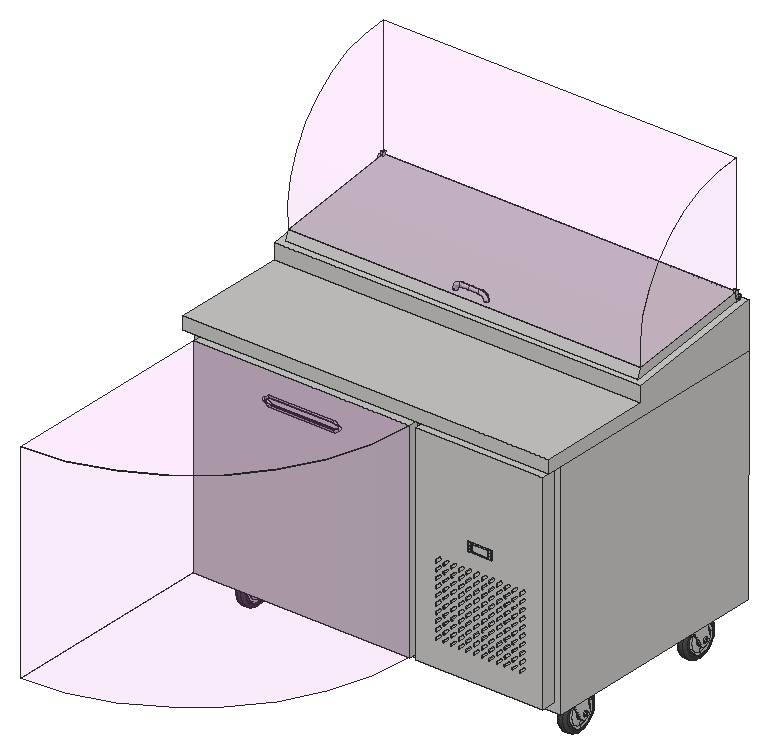
Revit family "QF_Kelvinator_738252_KCHPT50.6_1-Door_Pizza_Prep_Table_48_Long", category Specialty Equipment, Revit 2021 (continued)
Definition of nested family "KCHPT"
  Lines and regions (in)
    symbolic lines
      curve 49: arc (21.73202, -15.49263, 0) -> (22.05056, -15.52832, 0) -> (22.37087, -15.54024, 0) r 4.31013
      curve 50: spline (25.93749, -15.19802, 0) -> (25.93307, -15.15169, 0) -> (25.91999, -15.10699, 0) -> (25.8987, -15.06551, 0) -> (25.86997, -15.0287, 0) -> (25.83481, -14.99786, 0) -> (25.79445, -14.97409, 0) -> (25.75031, -14.95822, 0) -> (25.70397, -14.9508, 0) -> (25.65704, -14.95211, 0) -> (25.61118, -14.9621, 0) -> (25.56802, -14.9804, 0) -> (25.52907, -15.00639, 0)
      curve 51: arc (25.93749, -15.19802, 0) -> (25.85127, -15.40634, 0) -> (25.64298, -15.49263, 0) r 0.29451
      curve 52: line (23.6875, -15.04024, 0) -> (25.09841, -15.04024, 0)
      curve 53: arc (25.52907, -15.00639, 0) -> (25.31441, -15.03177, 0) -> (25.09841, -15.04024, 0) r 2.75609
      curve 54: line (23.6875, -15.54024, 0) -> (25.00413, -15.54024, 0)
      curve 55: arc (25.64298, -15.49263, 0) -> (25.32444, -15.52832, 0) -> (25.00413, -15.54024, 0) r 4.31013
    symbolic lines, visible <- "Show Clearance"
      curve 56: arc (29.20966, -32.25, 0) -> (28.22415, -39.367, 0) -> (25.4598, -45.99883, 0) r 27.99766
      curve 57: line (1.64612, -32.25, 0) -> (25.4598, -45.99883, 0)
  Dimensions and locks (in)
    equal spacing: plane 3 "LEFT", plane 7 "Center Y", plane 4 "RIGHT"
    "Length": plane 3 "LEFT" to plane 4 "RIGHT"
    equal spacing: plane 5 "FRONT", plane 8 "Center X", plane 1 "BACK"
    "Depth": plane 5 "FRONT" to plane 1 "BACK"
    "Height": plane 6 "TOP" to level
    plane 5 "FRONT" to plane 1 "BACK" = 32.250"
    plane 9 to plane 1 "BACK" = 58.900"
    plane 10 to plane 1 "BACK" = 17.400"
    plane 11 to plane 12 = 28.300"
    plane 13 to plane 11 = 5.900"
    plane 6 "TOP" to plane 12 = 35.500"
    plane 14 to plane 11 = 1.600"
    level to plane 15 = 5.500"
    plane 17 to plane 16 = 26.800"
    Extrusion 11 to Extrusion 12 = 26.55244"
    aligned and locked: level to plane 2
    aligned and locked: Extrusion 22 to Extrusion 1
  Automatic sketch dimensions
    Extrusion 1 sketch curve to plane 11 = 0.000"
    plane 15 to Extrusion 1 sketch curve = 0.000"
    Extrusion 1 sketch curve to plane 1 "BACK" = 0.000"
    Extrusion 1 sketch curve to plane 5 "FRONT" = 2.000"
    Extrusion 1 to Extrusion 2 sketch curve = 0.95244"
    Extrusion 2 sketch curve to Extrusion 1 = 0.9809"
    Extrusion 1 to Extrusion 2 sketch curve = 17.40392"
    Extrusion 1 to Extrusion 2 sketch curve = 0.95197"
    Extrusion 3 sketch curve to plane 5 "FRONT" = 0.000"
    Extrusion 3 sketch curve to plane 10 = 0.000"
    Extrusion 3 sketch curve to plane 1 "BACK" = 0.000"
    Extrusion 3 sketch curve to plane 11 = 0.000"
    Extrusion 3 sketch curve to plane 14 = 0.000"
    Extrusion 3 sketch curve to plane 13 = 0.000"
    Extrusion 3 sketch curve to Extrusion 3 sketch curve = 2.000"
    Extrusion 4 sketch curve to plane 8 "Center X" = 0.000"
    Extrusion 4 sketch curve to plane 8 "Center X" = 0.50126"
    Extrusion 4 sketch curve to plane 6 "TOP" = 0.38798"
    plane 1 "BACK" to Extrusion 4 sketch curve = 0.73136"
    Extrusion 4 sketch curve to plane 13 = 0.07935"
    plane 1 "BACK" to Extrusion 4 sketch curve = 0.60032"
    Extrusion 5 sketch curve to plane 13 = 0.07935"
    plane 1 "BACK" to Extrusion 5 sketch curve = 0.60032"
    plane 1 "BACK" to Extrusion 5 sketch curve = 0.54253"
    Extrusion 5 sketch curve to plane 13 = 0.05942"
    Extrusion 5 sketch curve to Extrusion 5 sketch curve = 0.15078"
    Extrusion 5 sketch curve to plane 6 "TOP" = 0.47918"
    Extrusion 5 sketch curve to Extrusion 5 sketch curve = 0.17678"
    Extrusion 6 sketch curve to plane 6 "TOP" = 0.000"
    Extrusion 6 sketch curve to plane 6 "TOP" = 0.4535"
    plane 1 "BACK" to Extrusion 6 sketch curve = 0.97488"
    Extrusion 6 sketch curve to Extrusion 6 sketch curve = 0.03494"
    Extrusion 6 sketch curve to plane 6 "TOP" = 0.10315"
    Extrusion 6 sketch curve to Extrusion 6 sketch curve = 0.05955"
    Extrusion 6 sketch curve to plane 13 = 0.14487"
    plane 1 "BACK" to Extrusion 6 sketch curve = 0.84383"
    Extrusion 6 sketch curve to Extrusion 6 sketch curve = 0.24784"
    Extrusion 6 sketch curve to plane 6 "TOP" = 0.30034"
    Extrusion 6 sketch curve to Extrusion 6 sketch curve = 0.03226"
    Extrusion 6 sketch curve to plane 6 "TOP" = 0.26026"
    Extrusion 6 sketch curve to Extrusion 6 sketch curve = 0.04008"
    Extrusion 6 sketch curve to Extrusion 6 sketch curve = 0.01467"
    Extrusion 6 sketch curve to plane 6 "TOP" = 0.25129"
    Extrusion 6 sketch curve to Extrusion 6 sketch curve = 0.03347"
    Extrusion 6 sketch curve to plane 6 "TOP" = 0.06671"
    Extrusion 6 sketch curve to Extrusion 6 sketch curve = 0.0376"
    Extrusion 6 sketch curve to plane 6 "TOP" = 0.16845"
    Extrusion 6 sketch curve to Extrusion 6 sketch curve = 0.10174"
    Extrusion 6 sketch curve to plane 13 = 0.07935"
    Extrusion 6 sketch curve to plane 6 "TOP" = 0.45216"
    Extrusion 6 sketch curve to Extrusion 6 sketch curve = 0.12039"
    Extrusion 7 sketch curve to plane 6 "TOP" = 0.000"
    Extrusion 7 sketch curve to plane 6 "TOP" = 0.4535"
    plane 1 "BACK" to Extrusion 7 sketch curve = 0.97488"
    Extrusion 7 sketch curve to Extrusion 7 sketch curve = 0.03494"
    Extrusion 7 sketch curve to plane 6 "TOP" = 0.10315"
    Extrusion 7 sketch curve to Extrusion 7 sketch curve = 0.05955"
    Extrusion 7 sketch curve to plane 13 = 0.14487"
    plane 1 "BACK" to Extrusion 7 sketch curve = 0.84383"
    Extrusion 7 sketch curve to Extrusion 7 sketch curve = 0.24784"
    Extrusion 7 sketch curve to plane 6 "TOP" = 0.30034"
    Extrusion 7 sketch curve to Extrusion 7 sketch curve = 0.03226"
    Extrusion 7 sketch curve to plane 6 "TOP" = 0.26026"
    Extrusion 7 sketch curve to Extrusion 7 sketch curve = 0.04008"
    Extrusion 7 sketch curve to Extrusion 7 sketch curve = 0.05475"
    Extrusion 7 sketch curve to plane 6 "TOP" = 0.25129"
    Extrusion 7 sketch curve to Extrusion 7 sketch curve = 0.03347"
    Extrusion 7 sketch curve to plane 6 "TOP" = 0.06671"
    Extrusion 7 sketch curve to Extrusion 7 sketch curve = 0.0376"
    Extrusion 7 sketch curve to plane 6 "TOP" = 0.16845"
    Extrusion 7 sketch curve to Extrusion 7 sketch curve = 0.10174"
    Extrusion 7 sketch curve to plane 13 = 0.07935"
    Extrusion 7 sketch curve to plane 6 "TOP" = 0.45216"
    Extrusion 7 sketch curve to Extrusion 7 sketch curve = 0.12039"
    Revolve 8 sketch curve to plane 6 "TOP" = 0.52344"
    Revolve 8 sketch curve to Revolve 8 sketch curve = 0.05054"
    Revolve 8 sketch curve to Revolve 8 sketch curve = 0.15163"
    plane 3 "LEFT" to Revolve 8 sketch curve = 0.25604"
    Revolve 8 sketch curve to Revolve 8 sketch curve = 0.03568"
    Revolve 8 sketch curve to Revolve 8 sketch curve = 0.34423"
    Revolve 8 sketch curve to Revolve 8 sketch curve = 0.000"  (x2)
    plane 3 "LEFT" to Revolve 8 sketch curve = 0.07467"
    Revolve 9 sketch curve to plane 6 "TOP" = 0.52344"
    Revolve 9 sketch curve to Revolve 9 sketch curve = 0.05054"
    Revolve 9 sketch curve to Revolve 9 sketch curve = 0.15163"
    plane 4 "RIGHT" to Revolve 9 sketch curve = 0.81563"
    plane 4 "RIGHT" to Revolve 9 sketch curve = 0.4714"
    Revolve 9 sketch curve to Revolve 9 sketch curve = 0.03568"
    Revolve 9 sketch curve to Revolve 9 sketch curve = 0.000"  (x2)
    plane 4 "RIGHT" to Revolve 9 sketch curve = 0.25436"
    Sweep 10 sketch curve to plane 7 "Center Y" = 0.000"
    Sweep 10 sketch curve to Sweep 10 sketch curve = 0.750"  (x2)
    Sweep 10 sketch curve to Sweep 10 sketch curve = 1.250"
    plane 7 "Center Y" to Sweep 10 sketch curve = 1.250"
    Sweep 10 sketch curve to Sweep 10 sketch curve = 0.1875"  (x2)
    profile plane to Sweep 10 sketch curve = 0.000"  (x2)
    Extrusion 1 to Extrusion 11 sketch curve = 0.95244"
    Extrusion 11 sketch curve to Extrusion 1 = 0.9809"
    Extrusion 1 to Extrusion 11 sketch curve = 1.21311"
    Extrusion 1 to Extrusion 11 sketch curve = 18.16423"
    plane 16 to Extrusion 12 sketch curve = 0.550"
    Extrusion 12 sketch curve to plane 5 "FRONT" = 1.38811"
    Extrusion 12 sketch curve to Extrusion 12 sketch curve = 0.250"
    Extrusion 12 sketch curve to plane 17 = 0.000"
    plane 16 to Extrusion 13 sketch curve = 0.550"
    Extrusion 13 sketch curve to plane 5 "FRONT" = 1.63811"
    Extrusion 13 sketch curve to Extrusion 13 sketch curve = 0.2269"
    Extrusion 13 sketch curve to plane 17 = 0.000"
    plane 16 to Extrusion 14 sketch curve = 0.550"
    Extrusion 14 sketch curve to plane 5 "FRONT" = 1.86501"
    Extrusion 14 sketch curve to Extrusion 14 sketch curve = 0.13499"
    Extrusion 14 sketch curve to plane 17 = 0.000"
    plane 4 "RIGHT" to Extrusion 15 sketch curve = 7.5514"
    Extrusion 15 sketch curve to Extrusion 15 sketch curve = 0.07874"  (x3)
    Extrusion 15 sketch curve to Extrusion 15 sketch curve = 0.000"  (x7)
    Extrusion 15 sketch curve to Extrusion 15 sketch curve = 0.3937"  (x2)
    Extrusion 15 sketch curve to Extrusion 15 sketch curve = 0.07748"  (x3)
    Extrusion 15 sketch curve to Extrusion 15 sketch curve = 2.04976"
    plane 16 to Extrusion 15 sketch curve = 12.1219"
    Extrusion 15 sketch curve to Extrusion 15 sketch curve = 0.07665"  (x3)
    Extrusion 15 sketch curve to Extrusion 15 sketch curve = 0.00389"
    Extrusion 15 sketch curve to Extrusion 15 sketch curve = 0.31914"  (x6)
    Extrusion 15 sketch curve to Extrusion 15 sketch curve = 0.03519"  (x4)
    Extrusion 15 to Extrusion 16 sketch curve = 0.000"  (x10)
    Extrusion 16 sketch curve to Extrusion 15 = 0.000"  (x14)
    Extrusion 17 sketch curve to Extrusion 15 = 0.000"  (x3)
    Extrusion 15 to Extrusion 17 sketch curve = 0.000"
    plane 4 "RIGHT" to Extrusion 18 sketch curve = 7.5514"
    Extrusion 18 sketch curve to Extrusion 18 sketch curve = 3.14961"
    plane 16 to Extrusion 18 sketch curve = 12.1219"
    Extrusion 18 sketch curve to Extrusion 18 sketch curve = 1.1811"
    plane 16 to Extrusion 19 sketch curve = 4.17406"
    plane 3 "LEFT" to Extrusion 19 sketch curve = 10.5334"  (x2)
    Extrusion 19 sketch curve to Extrusion 19 sketch curve = 0.3367"
    Extrusion 19 sketch curve to Extrusion 19 sketch curve = 0.33813"  (x2)
    Extrusion 19 sketch curve to Extrusion 19 sketch curve = 0.09937"  (x2)
    Extrusion 19 sketch curve to Extrusion 19 sketch curve = 0.1008"
    Extrusion 19 sketch curve to Extrusion 19 sketch curve = 0.063"
    Extrusion 19 sketch curve to Extrusion 19 sketch curve = 0.53872"  (x2)
    Extrusion 19 sketch curve to Extrusion 19 sketch curve = 8.350"
    Extrusion 19 sketch curve to Extrusion 19 sketch curve = 0.000"
    Extrusion 19 sketch curve to Extrusion 19 sketch curve = 0.47889"
    Extrusion 19 sketch curve to Extrusion 19 sketch curve = 0.06211"
    plane 3 "LEFT" to Sweep 20 sketch curve = 11.07213"
    plane 16 to Sweep 20 sketch curve = 3.29906"
    plane 3 "LEFT" to Sweep 20 sketch curve = 10.5334"  (x2)
    Sweep 20 sketch curve to Sweep 20 sketch curve = 0.3367"
    Sweep 20 sketch curve to Sweep 20 sketch curve = 0.33813"  (x2)
    Sweep 20 sketch curve to Sweep 20 sketch curve = 0.09937"  (x2)
    Sweep 20 sketch curve to Sweep 20 sketch curve = 0.1008"
    Sweep 20 sketch curve to Sweep 20 sketch curve = 0.063"
    Sweep 20 sketch curve to Sweep 20 sketch curve = 0.53872"
    Sweep 20 sketch curve to Sweep 20 sketch curve = 8.350"
    Sweep 20 sketch curve to Sweep 20 sketch curve = 0.000"
    Sweep 20 sketch curve to Sweep 20 sketch curve = 0.47889"
    Sweep 20 sketch curve to Sweep 20 sketch curve = 0.06211"
    Sweep 20 sketch curve to profile plane = 0.000"
    Sweep 20 sketch curve to profile plane = 0.125"
    profile plane to Sweep 20 sketch curve = 2.67809"
    Sweep 20 sketch curve to Sweep 20 sketch curve = 0.12191"
    Extrusion 21 sketch curve to Extrusion 2 = 13.01034"
    Extrusion 21 sketch curve to Extrusion 2 = 3.10749"  (x7)
    Extrusion 21 sketch curve to Extrusion 21 sketch curve = 0.000"  (x11)
    Extrusion 21 sketch curve to Extrusion 2 = 5.43821"  (x3)
    Extrusion 21 sketch curve to Extrusion 2 = 3.43821"  (x7)
    Extrusion 21 sketch curve to Extrusion 2 = 6.07624"
    Extrusion 21 sketch curve to Extrusion 2 = 6.43821"
    Extrusion 21 sketch curve to Extrusion 2 = 4.10749"  (x5)
    Extrusion 21 sketch curve to Extrusion 2 = 4.43821"  (x5)
    Extrusion 21 sketch curve to Extrusion 2 = 2.46946"  (x9)
    Extrusion 21 sketch curve to Extrusion 2 = 5.10749"  (x3)
    Extrusion 21 sketch curve to Extrusion 21 sketch curve = 0.10401"  (x596)
    Extrusion 21 sketch curve to Extrusion 2 = 3.23018"  (x8)
    Extrusion 21 sketch curve to Extrusion 2 = 6.28426"  (x4)
    Extrusion 21 sketch curve to Extrusion 2 = 3.31551"  (x8)
    Extrusion 21 sketch curve to Extrusion 2 = 7.25301"  (x2)
    Extrusion 21 sketch curve to Extrusion 2 = 6.23018"  (x4)
    Extrusion 21 sketch curve to Extrusion 2 = 2.26143"  (x10)
    Extrusion 21 sketch curve to Extrusion 2 = 5.31551"  (x5)
    Extrusion 21 sketch curve to Extrusion 2 = 8.19893"
    Extrusion 21 sketch curve to Extrusion 2 = 4.31551"  (x7)
    Extrusion 21 sketch curve to Extrusion 2 = 7.19893"  (x3)
    Extrusion 21 sketch curve to Extrusion 2 = 4.23018"  (x7)
    Extrusion 21 sketch curve to Extrusion 2 = 5.23018"  (x5)
    Extrusion 21 sketch curve to Extrusion 21 sketch curve = 0.3223"  (x166)
    Extrusion 21 sketch curve to Extrusion 2 = 2.99979"  (x7)
    Extrusion 21 sketch curve to Extrusion 2 = 4.57716"  (x4)
    Extrusion 21 sketch curve to Extrusion 2 = 4.96854"  (x3)
    Extrusion 21 sketch curve to Extrusion 2 = 3.57716"  (x6)
    Extrusion 21 sketch curve to Extrusion 2 = 3.96854"  (x5)
    Extrusion 21 sketch curve to Extrusion 2 = 5.54591"  (x2)
    Extrusion 21 sketch curve to Extrusion 2 = 5.96854"
    Extrusion 21 sketch curve to Extrusion 2 = 2.57716"  (x8)
    Extrusion 21 sketch curve to Extrusion 21 sketch curve = 0.53033"  (x10)
    Extrusion 21 sketch curve to Extrusion 2 = 7.72268"
    Extrusion 21 sketch curve to Extrusion 2 = 7.72926"
    Extrusion 21 sketch curve to Extrusion 2 = 4.76051"  (x6)
    Extrusion 21 sketch curve to Extrusion 2 = 3.76051"  (x7)
    Extrusion 21 sketch curve to Extrusion 2 = 5.75393"  (x4)
    Extrusion 21 sketch curve to Extrusion 2 = 6.76051"  (x3)
    Extrusion 21 sketch curve to Extrusion 2 = 4.78518"  (x6)
    Extrusion 21 sketch curve to Extrusion 2 = 2.79176"  (x9)
    Extrusion 21 sketch curve to Extrusion 2 = 3.78518"  (x7)
    Extrusion 21 sketch curve to Extrusion 2 = 6.72268"  (x3)
    Extrusion 21 sketch curve to Extrusion 2 = 2.78518"  (x9)
    Extrusion 21 sketch curve to Extrusion 2 = 5.76051"  (x4)
    Extrusion 21 sketch curve to Extrusion 21 sketch curve = 0.26164"  (x134)
    Extrusion 21 sketch curve to Extrusion 21 sketch curve = 0.24112"  (x12)
    Extrusion 21 sketch curve to Extrusion 21 sketch curve = 0.20803"  (x48)
    Extrusion 21 sketch curve to Extrusion 21 sketch curve = 0.23039"  (x21)
    Extrusion 22 sketch curve to Extrusion 1 = 1.18418"
    Extrusion 22 sketch curve to Extrusion 1 = 23.6875"
    Extrusion 23 sketch curve to Extrusion 4 = 0.000"  (x5)
    Extrusion 11 to Extrusion 24 sketch curve = 0.000"
    Extrusion 24 sketch curve to Extrusion 11 = 0.000"  (x2)
    plane 1 "BACK" to curve 1 = 0.000"
    curve 1 to plane 3 "LEFT" = 0.000"
    curve 7 to plane 8 "Center X" = 0.000"
    curve 52 to plane 7 "Center Y" = 0.000"
    curve 48 to plane 7 "Center Y" = 0.000"
    curve 3 to plane 4 "RIGHT" = 0.000"
    plane 5 "FRONT" to curve 1 = 0.000"
    curve 2 to plane 10 = 0.000"
    plane 3 "LEFT" to curve 24 = 0.25604"
    curve 22 to curve 25 = 0.03568"
    curve 25 to curve 15 = 0.34423"
    plane 3 "LEFT" to curve 8 = 0.80534"
    curve 8 to curve 28 = 0.11168"
    curve 56 to plane 5 "FRONT" = 0.250"
    plane 3 "LEFT" to curve 56 = 1.21311"
    curve 18 to curve 16 = 0.50201"
    plane 8 "Center X" to curve 45 = 0.92688"
    curve 45 to plane 7 "Center Y" = 1.95548"
    curve 47 to plane 7 "Center Y" = 1.41091"
    curve 47 to curve 49 = 0.09428"
    plane 7 "Center Y" to curve 55 = 1.31663"
    curve 55 to curve 53 = 0.09428"
    curve 52 to curve 51 = 0.54457"
    plane 1 "BACK" to curve 42 = 0.71931"
    plane 4 "RIGHT" to curve 42 = 1.52593"
    curve 17 to curve 41 = 0.42922"
    plane 4 "RIGHT" to curve 6 = 0.95197"
    curve 9 to curve 34 = 0.13634"
    curve 34 to curve 39 = 0.34423"
    curve 37 to curve 37 = 0.03568"
    curve 6 to plane 8 "Center X" = 0.50126"
    plane 8 "Center X" to curve 48 = 0.58476"
    curve 54 to curve 51 = 0.34212"
    curve 54 to curve 52 = 0.500"
    curve 46 to curve 47 = 2.75609"
    curve 52 to curve 53 = 2.75609"
    curve 53 to curve 55 = 1.05403"
    curve 47 to curve 49 = 1.05403"
    plane 1 "BACK" to curve 38 = 0.97818"
    plane 1 "BACK" to curve 26 = 0.97818"
    curve 15 to curve 28 = 0.00331"
    curve 34 to curve 41 = 0.00331"
    curve 25 to curve 22 = 0.05054"
    curve 38 to curve 36 = 0.05054"
    curve 22 to curve 22 = 0.30326"
    curve 35 to curve 35 = 0.30326"
    curve 24 to curve 27 = 0.05054"
    curve 37 to curve 40 = 0.05054"
    curve 16 to curve 16 = 0.26976"
    curve 57 to plane 5 "FRONT" = 0.000"
    curve 56 to curve 57 = 0.43301"
    curve 44 to curve 45 = 0.29451"
    curve 44 to curve 44 = 0.000"
    curve 44 to curve 45 = 0.04452"
    curve 45 to curve 44 = 0.11391"
    curve 53 to curve 51 = 0.11391"
    curve 51 to curve 50 = 0.04452"
    curve 50 to curve 51 = 0.24999"
    curve 51 to curve 50 = 0.000"
    plane 7 "Center Y" to curve 56 = 5.52216"
    curve 57 to plane 9 = 12.90117"
    curve 41 to curve 29 = 0.03494"
    curve 14 to curve 10 = 0.03494"
    curve 10 to curve 11 = 0.05955"
    curve 29 to curve 30 = 0.05955"
    curve 30 to curve 18 = 0.14902"
    curve 18 to curve 43 = 0.13104"
    curve 16 to curve 21 = 0.11899"
    curve 21 to curve 12 = 0.0167"
    curve 31 to curve 40 = 0.00979"
    curve 21 to curve 19 = 0.05779"
    curve 40 to curve 32 = 0.09196"
    curve 12 to curve 13 = 0.10174"
    curve 32 to curve 33 = 0.13374"
    curve 32 to curve 34 = 0.13374"
    curve 13 to curve 15 = 0.13374"
    curve 13 to curve 14 = 0.13374"
    plane 5 "FRONT" to curve 56 = 0.000"
    radius of Sweep 10 sketch curve = 0.250"
    radius of Extrusion 22 sketch curve = 0.250"
  Nested families (in)
    nested 1: "6 INCHES 02_CASTER" at (44.5, -25.4, 0), type "6 INCHES 02_CASTER"
      with Type Mark "", Specification by User "", Show Casters yes, Revision Code "", Item Number "", Installed By "", Identify Quantity as Lot yes, Furnished By "", Foodservice Equipment Identifier yes
    nested 2: "6 INCHES 02_CASTER" at (2.875, -25.4, 0), type "6 INCHES 02_CASTER"
      with Type Mark "", Specification by User "", Show Casters yes, Revision Code "", Item Number "", Installed By "", Identify Quantity as Lot yes, Furnished By "", Foodservice Equipment Identifier yes
    nested 3: "6 INCHES 02_CASTER" at (44.5, -6.025, 0), type "6 INCHES 02_CASTER"
      with Type Mark "", Specification by User "", Show Casters yes, Revision Code "", Item Number "", Installed By "", Identify Quantity as Lot yes, Furnished By "", Foodservice Equipment Identifier yes
    nested 4: "6 INCHES 02_CASTER" at (2.875, -6.025, 0), type "6 INCHES 02_CASTER"
      with Type Mark "", Specification by User "", Show Casters yes, Revision Code "", Item Number "", Installed By "", Identify Quantity as Lot yes, Furnished By "", Foodservice Equipment Identifier yes
  Definition of nested family "6 INCHES 02_CASTER"
    Parameters (values of type "6 INCHES 02_CASTER")
      Weight = ""
      URL Manufacturer = ""
      URL Cutsheet = ""
      URL = ""
      Type Mark [instance] = ""
      Specification by User [instance] = ""
      Specification by Manufacturer = ""
      Show Casters [instance] = yes
      Serial Number = ""
      Seismic Rating = ""
      SMACNA No = ""
      Revision Code [instance] = ""
      Omniclass Number and Title = ""
      NAFEM Spec ID Number = ""
      Model = ""
      MasterSpec. = ""
      Manufacturer = ""
      Item Number [instance] = ""
      Installed By [instance] = ""
      Identify Quantity as Lot [instance] = yes
      Furnished By [instance] = ""
      Foodservice Equipment Identifier [instance] = yes
      Description = ""
      Default Elevation = 0.000"
      CSI MasterFormat = ""
      CSI Master Format = ""
    Reference planes (in)
      plane 1 "BACK": y = 0
      plane 2: z = 0
      plane 3 "LEFT": x = 0
      plane 4 "RIGHT": x = 0
      plane 5 "FRONT": y = 0
      plane 6 "TOP": z = 5.5
    Forms (in)
      Revolve 1, solid, visible <- "Show Casters"
        sketch origin (-2.21793, 0, -0.25) x (-1, 0, 0) y (0, 0, 1)
          loop
            line (-2.21793, 5.75) -> (-2.21793, 5.55584) -> (-0.71818, 5.55584) -> (-0.71818, 5.75) -> (-2.21793, 5.75)
          axis (-2.21793, 5.55584) -> (-2.21793, 5.75)
        angle from 0 to 360
      Extrusion 2, solid, visible <- "Show Casters"
        sketch origin (0.25594, 2.08988, -0.1875) x (0, 1, 0) y (0, 0, 1)
          loop
            line (-3.37793, 5.49334) -> (-3.37793, 5.24334) -> (-1.67236, 2.30765)
            arc (-1.67236, 2.30765) -> (-0.65502, 1.97635) -> (-0.25363, 2.96812) r 0.78437
            line (-0.25363, 2.96812) -> (-0.80182, 5.49334) -> (-3.37793, 5.49334)
        from 0.78968 to 0.90247
      Extrusion 3, solid, visible <- "Show Casters"
        sketch origin (-0.25594, 2.08988, -0.1875) x (0, 1, 0) y (0, 0, -1)
          loop
            line (-3.37793, -5.24334) -> (-3.37793, -5.49334) -> (-0.80182, -5.49334) -> (-0.25363, -2.96812)
            arc (-0.25363, -2.96812) -> (-0.65502, -1.97635) -> (-1.67236, -2.30765) r 0.78437
            line (-1.67236, -2.30765) -> (-3.37793, -5.24334)
        from 0.78968 to 0.90247
      Extrusion 4, solid, visible <- "Show Casters"
        sketch origin (0, -0.12806, 0.75) x (0, 1, 0) y (0, 0, 1)
          loop
            line (-1.16, 4.55584) -> (-1.16, 4.30584) -> (1.41611, 4.30584) -> (1.41611, 4.55584) -> (-1.16, 4.55584)
        from -1.04562 to 1.04562
      Revolve 5, solid, visible <- "Show Casters"
        sketch origin (-1.9375, 1.11772, -0.12802) x (1, 0, 0) y (0, 0, 1)
          loop
            line (0.5843, 2.5666) -> (0.5843, 2.4286) -> (0.6343, 2.3786) -> (0.6943, 2.3786) -> (0.6943, 2.2429) -> (1.1725, 2.2429) -> (1.1725, 1.84743) -> (1.30191, 1.77271) -> (1.42647, 1.00302) -> (1.28125, 1.00302) -> (1.28125, 0.75302) -> (1.3125, 0.75302) -> (1.3125, 0.50302)
            arc (1.3125, 0.50302) -> (1.42233, 0.23785) -> (1.6875, 0.12802) r 0.375
            line (1.6875, 0.12802) -> (2.1875, 0.12802)
            arc (2.1875, 0.12802) -> (2.45267, 0.23785) -> (2.5625, 0.50302) r 0.375
            line (2.5625, 0.50302) -> (2.5625, 0.75302) -> (2.59375, 0.75302) -> (2.59375, 1.00302) -> (2.44853, 1.00302) -> (2.57366, 1.77622) -> (2.7025, 1.85061) -> (2.7025, 2.2429) -> (3.1807, 2.2429) -> (3.1807, 2.3786) -> (3.2407, 2.3786) -> (3.2907, 2.4286) -> (3.2907, 2.5666) -> (0.5843, 2.5666)
          axis (0.5843, 2.5666) -> (3.2907, 2.5666)
        angle from 0 to 360
    Cuts and joins
      joined: Extrusion 2, Extrusion 3, Extrusion 4
    Lines and regions (in)
      symbolic lines, visible <- "Show Casters"
        curve 1: line (0.45873, 2.04243, 0) -> (1.54127, 1.41743, 0)
        curve 2: line (-1.54127, -1.42167, 0) -> (-0.79127, -0.12263, 0)
        curve 3: line (-0.45873, -2.04667, 0) -> (-1.54127, -1.42167, 0)
        curve 4: line (1.54127, 1.41743, 0) -> (0.79127, 0.11839, 0)
        curve 5: line (-0.29127, 0.74339, 0) -> (0.45873, 2.04243, 0)
        curve 6: line (0.29127, -0.74763, 0) -> (-0.45873, -2.04667, 0)
    Dimensions and locks (in)
      plane 6 "TOP" to level = 5.500"  (x2)
      aligned and locked: level to plane 2
